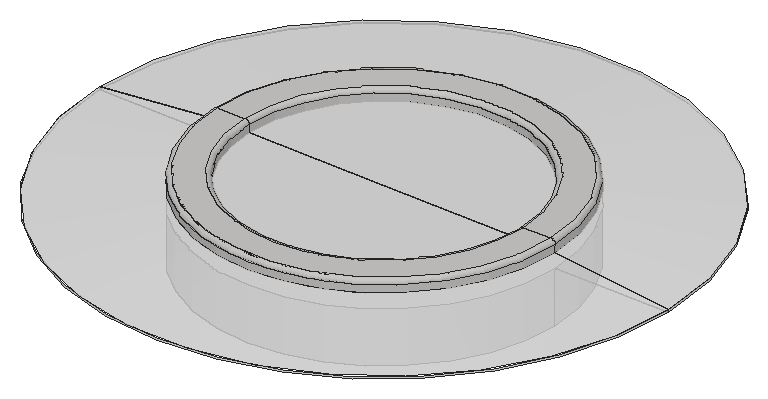
Revit family "4068355 Sylvania_Glace Round_Surface Mounted", category Lighting Fixtures, host Face, Revit 2017
Family settings
  Host = Face
  Round Connector Dimension = Use Diameter
  Part Type = Normal
  OmniClass Number = 23.80.70.11.17
  OmniClass Title = Specialized Lighting by Location or Use
  Cut with Voids When Loaded = No
  Light Source = Yes
  Shared = No
  Room Calculation Point = No
Parameters (values of type "Glace 3K HO Rnd")
  Weight = 2 kg  # constant formula
  Wattage = 18.0587 W
  built-in parameter 1150110 = 1 (stored number, unit not read)
  Voltage Comments = "UNV (Universal Voltage; 220-240 Volt)"  # constant formula
  Voltage = 230 V  # constant formula
  URL = "http://www.sylvania-lighting.com"
  LOR = "100 %"
  Body Marerial = Aluminum_Sylvania_Glace_Silver
  built-in parameter 1114217 = 1 (stored number, unit not read)
  Tilt Angle = -90°
  built-in parameter 1150109 = 1 (stored number, unit not read)
  built-in parameter 1150134 = (empty or 0)
  built-in parameter 1150113 = 1 (stored number, unit not read)
  Product Page URL = "http://www.sylvania-lighting.com/product/en-int/products/4068355"
  Product Family = "GLACE - ROUND"  # constant formula
  Photometry Comments = ""
  Photometric Web File = "4068355_Glace3KHORnd-161948.ies"
  Life = "50 000 h"  # constant formula
  IP Rating = "IP20"  # constant formula
  IK Rating = "IK02"  # constant formula
  Emit from Circle Diameter = Diameter - 50.0 mm  # 190.0 mm
  Drive Current = "700 mA"  # constant formula
  Diffuser Diameter = 400.0 mm
  Diffuser Material = Acrylic_Sylvania_Glace_Opal
  Height = 54.0 mm
  built-in parameter 1114216 [instance] = 1 (stored number, unit not read)
  Model = "Glace 3K HO Rnd"
  Manufacturer = "Feilo Sylvania"
  built-in parameter 1150105 = 164 (stored number, unit not read)
  Lumens = 1293 lm
  built-in parameter 1150115 = 1 (stored number, unit not read)
  built-in parameter 1150137 = (empty or 0)
  built-in parameter 1150139 = (empty or 0)
  built-in parameter 1150112 = 1 (stored number, unit not read)
  built-in parameter 1150114 = 1 (stored number, unit not read)
  Lamp Comments = "Integrated LED"  # constant formula
  Lamp = "16W"
  built-in parameter 1150132 = 2
  built-in parameter 1150102 = (empty or 0)
  built-in parameter 1150107 = 3000 (stored number, unit not read)
  built-in parameter 1150138 = (empty or 0)
  built-in parameter 1150106 = 1.64 (stored number, unit not read)
  Diameter = Diffuser Diameter - 160.0 mm  # 240.0 mm
  Accessory Material = Metal_Sylvania_Glace_Chrome
  Emit Shape Visible in Rendering = yes
  built-in parameter 1150104 = 6.6519 (stored number, unit not read)
  Dimming Lamp Color Temperature Shift = <None>
  Description = "Super slim architectural design provides ultra modern minimalism with cutting-edge LED technology. Utilises low power super efficient LED array providing perfect homogenous light distribution. Superior fixture lumens. Aesthetic architectural form. Wall and ceiling mounting. 50,000 hrs life at 70% of the original output L70. Integral LED emergency options. DALI dimming versions as standard. Integral diffuser"  # constant formula
  Default Elevation = 0.0 mm
  Color Filter = 16777215
  Catalog Number = "4068355 Glace 3K HO Rnd"
  built-in parameter 1140040 [instance] = 1
  built-in parameter 1114218 = 1 (stored number, unit not read)
  built-in parameter 1150133 = 10 (stored number, unit not read)
  Assembly Code = "D5020200"
  Apparent Load Comments = ""
  Apparent Load = 16 VA
Reference planes
  plane 1 "Center (Front/Back)": y = 0
  plane 2: z = 0
  plane 3 "Center (Left/Right)": x = 0
  plane 4 "Fixture Top": z = 54
  plane 5 "Difuser Bottom": z = 36
  plane 6 "Difuser Top": z = 46
  plane 7: z = 38
  plane 8: x = -120
  plane 9: x = -95
  plane 10: x = -200
  plane 11: x = 120
  plane 12: x = 95
  plane 13: x = 200
Forms (mm)
  Extrusion 1, solid, material "Aluminum_Sylvania_Glace_Silver" <- "Body Marerial", detail levels fine
    sketch origin (0, 0, 59) x (-1, 0, 0) y (0, -1, 0)
      loop
        circle (0, 0) r 120
    from -59 to -23
  Revolve 2, solid, material "Acrylic_Sylvania_Glace_Opal" <- "Diffuser Material", detail levels fine
    sketch origin (-44.604, 0, 0) x (1, 0, 0) y (0, 0, 1)
      loop
        line (-155.396, 36) -> (44.604, 36) -> (44.604, 46) -> (-75.396, 46)
        arc (-75.396, 46) -> (-115.595, 43.995) -> (-155.396, 38) r 404
        line (-155.396, 38) -> (-155.396, 36)
      axis (44.604, 46) -> (44.604, 36)
    angle from 0 to 360
  Revolve 3, solid, material "Metal_Sylvania_Glace_Chrome" <- "Accessory Material", detail levels fine
    sketch origin (0, 0, 0) x (1, 0, 0) y (0, 0, 1)
      loop
        line (-120, 46) -> (-95, 46) -> (-95, 51)
        arc (-95, 51) -> (-95.879, 53.121) -> (-98, 54) r 3
        line (-98, 54) -> (-117, 54)
        arc (-117, 54) -> (-119.121, 53.121) -> (-120, 51) r 3
        line (-120, 51) -> (-120, 46)
      axis (0, 54) -> (0, 46)
    angle from 0 to 360
  Revolve 4, solid, material "Acrylic_Sylvania_Glace_Opal" <- "Diffuser Material", detail levels coarse+medium
    sketch origin (0, 0, 0) x (1, 0, 0) y (0, 0, 1)
      loop
        line (-200, 36) -> (-120, 36) -> (-120, 0) -> (0, 0) -> (0, 46) -> (-95, 46) -> (-95, 51)
        arc (-95, 51) -> (-95.879, 53.121) -> (-98, 54) r 3
        line (-98, 54) -> (-117, 54)
        arc (-117, 54) -> (-119.121, 53.121) -> (-120, 51) r 3
        line (-120, 51) -> (-120, 46)
        arc (-120, 46) -> (-160.2, 43.995) -> (-200, 38) r 404
        line (-200, 38) -> (-200, 36)
      axis (0, 54) -> (0, 0)
    angle from 0 to 360
Dimensions and locks
  "Height": plane 4 "Fixture Top" to plane 2
  plane 4 "Fixture Top" to plane 6 "Difuser Top" to plane 5 "Difuser Bottom" = 8.0 mm locked, 10.0 mm locked
  locked: plane 7 to plane 5 "Difuser Bottom" at 2
  "Diameter": plane 11 to plane 8
  locked: plane 8 to plane 9 at 25
  "Diffuser Diameter": plane 13 to plane 10
  locked: plane 11 to plane 12 at 25
  equal spacing: plane 8, plane 3 "Center (Left/Right)", plane 11
  equal spacing: plane 10, plane 3 "Center (Left/Right)", plane 13
  radius of Extrusion 1 sketch curve = 120.0 mm
  aligned and locked: plane 2 to host face
  aligned and locked: level to host face
  aligned and locked: plane 1 "Center (Front/Back)" to imposter light
  aligned and locked: Extrusion 1 to plane 2
  aligned and locked: plane 5 "Difuser Bottom" to Extrusion 1
  aligned and locked: plane 3 "Center (Left/Right)" to Revolve 2 sketch curve
  aligned and locked: Revolve 2 sketch curve to plane 3 "Center (Left/Right)"
  aligned and locked: Revolve 3 sketch curve to plane 6 "Difuser Top"
  aligned and locked: Revolve 3 sketch curve to plane 3 "Center (Left/Right)"
  aligned and locked: plane 3 "Center (Left/Right)" to imposter light
  aligned and locked: imposter light to plane 6 "Difuser Top"
  aligned and locked: Revolve 4 sketch curve to plane 5 "Difuser Bottom"
  aligned and locked: Revolve 4 sketch curve to plane 2
  aligned and locked: Revolve 4 sketch curve to Revolve 4 sketch curve
  aligned and locked: Revolve 4 sketch curve to plane 4 "Fixture Top"
  aligned and locked: Revolve 4 sketch curve to plane 3 "Center (Left/Right)"  (x2)
  aligned and locked: Revolve 4 sketch curve to plane 6 "Difuser Top"
  aligned and locked: plane 7 to Revolve 2 sketch curve
  aligned and locked: plane 6 "Difuser Top" to Revolve 2 sketch curve
  aligned and locked: plane 5 "Difuser Bottom" to Revolve 2 sketch curve
  aligned and locked: Revolve 3 sketch curve to plane 8
  aligned and locked: Revolve 3 sketch curve to plane 9
  aligned and locked: plane 8 to Revolve 2 sketch curve
  aligned and locked: Revolve 4 sketch curve to plane 9
  aligned and locked: plane 8 to Revolve 4 sketch curve
  aligned and locked: Revolve 4 sketch curve to plane 10
  aligned and locked: Revolve 2 sketch curve to plane 10
Automatic sketch dimensions
  host sketch curve to host sketch curve = 1305.563 mm
  host sketch curve to host sketch curve = 1283.632 mm
  Revolve 3 sketch curve to plane 4 "Fixture Top" = 0.0 mm
  Revolve 3 sketch curve to plane 8 = 3.0 mm
  Revolve 3 sketch curve to plane 4 "Fixture Top" = 3.0 mm
  Revolve 3 sketch curve to level = 66.501 mm
  plane 4 "Fixture Top" to Revolve 3 sketch curve = 144.499 mm
  Revolve 2 sketch curve to level = 55.783 mm
  plane 4 "Fixture Top" to Revolve 2 sketch curve = 135.217 mm
  Revolve 4 sketch curve to plane 7 = 0.0 mm
  Revolve 4 sketch curve to plane 6 "Difuser Top" = 0.0 mm  (x2)
  Revolve 4 sketch curve to plane 8 = 3.0 mm
  plane 9 to Revolve 4 sketch curve = 3.0 mm
  Revolve 4 sketch curve to Revolve 4 sketch curve = 155.59 mm
  plane 1 "Center (Front/Back)" to Extrusion 1 sketch curve = 0.0 mm
  Extrusion 1 sketch curve to plane 3 "Center (Left/Right)" = 0.0 mm
Connectors
  electrical at (0, 0, 0), driven by "Voltage", driven by "Apparent Load"
    settings: on Extrusion 1, index 1, voltage 230 V, apparent load 0 VA, apparent load phase1 16 VA, apparent load phase2 0 VA, apparent load phase3 0 VA, power factor 1, load classification "Lighting", number of poles 1, system type 31, power factor state 1, is connector primary yes, connector utility no, sub classification motor no, connector description ""
